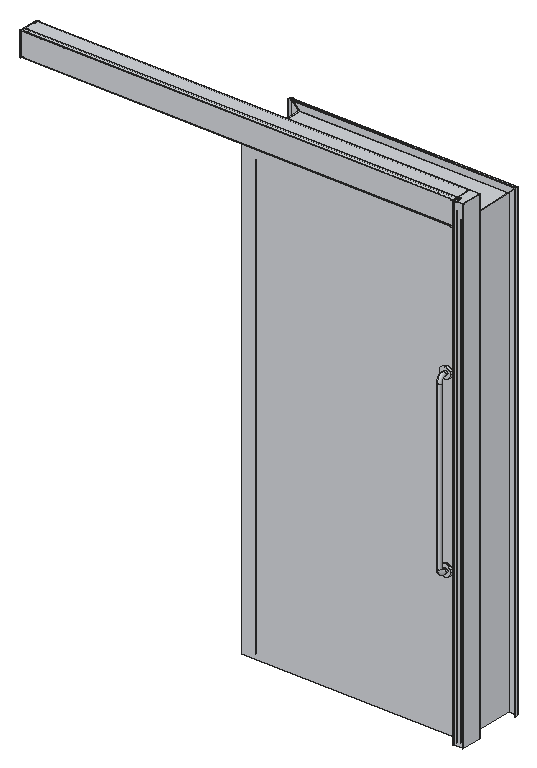
Revit family "R0000105", category Türen, Revit 2021
Family settings
  Basisbauteil = Wand
  Immer vertikal = Ja
  Beim Laden mit Abzugskörper schneiden = Nein
  Gemeinsam genutzt = Nein
  Raumberechnungspunkt = Ja
Parameters (values of type "BOS wSvdW-D mit NOVA 150 BOS Holz")
  Grifftiefe = 46 mm  # constant formula
  TB = if([wSvdW-D mit NOVA 150 BOS Holz], 1, 1)  # 1
  Stoßgriff = 1 < 2  # yes
  Info-Texte sichtbar = yes
  Grifflänge = 800 mm  # constant formula
  RRH Rohbau_Richtmaß_Höhe   Structural Wall Opening Height Measurement [instance] = LDH effektiv Lichte Durchgangs Höhe effektiv   Real Clearance Height + Einfügepunkt  # 2125 mm
  RRB Rohbau_Richtmaß_Breite   Structural Wall Opening Width Measurement [instance] = LDB Lichte Durchgangs Breite   Clearance Width + (2 * Einfügepunkt)  # 1000 mm
  Material - Türgriff = none
  Griffradius = 9 mm  # constant formula
  Führungsnutbreite = 18 mm  # constant formula
  Führungsnuttiefe = 36 mm  # constant formula
  Türblatt geöffnet in ...% LDB effektiv [instance] = if(Türblatt geöffnet in ...% LDB effektiv  Doorleaf opened in ...% Real Clearance Width < 0, 0, if(Türblatt geöffnet in ...% LDB effektiv  Doorleaf opened in ...% Real Clearance Width > 100, 100, Türblatt geöffnet in ...% LDB effektiv  Doorleaf opened in ...% Real Clearance Width))  # 0
  Türblatt geöffnet in ...% LDB effektiv  Doorleaf opened in ...% Real Clearance Width [instance] = 0
  Spiegel hinten min. = 42 mm  # constant formula
  Spiegel hinten max. = 80 mm  # constant formula
  wSvdW-D mit NOVA 150 BOS Holz = yes
  Türblatteinstand [instance] = if(DIN rechts   DIN Right, 14 mm, Spiegel vorne STR)  # 14 mm
  Variante - Auswahl [instance] = if(Standardmaße, "Standardmaße", "Sondermaße")  # "Standardmaße"
  Spiegel vorne KS [instance] = 30 mm  # constant formula
  Spiegel vorne STR [instance] = if(DIN links   DIN Left, 40 mm, 43.5 mm)  # 43.5 mm
  Spiegel vorne STL [instance] = if(DIN rechts   DIN Right, 40 mm, 43.5 mm)  # 40 mm
  STR-länge [instance] = LDH effektiv Lichte Durchgangs Höhe effektiv   Real Clearance Height  # 2093 mm
  STL-länge [instance] = LDH effektiv Lichte Durchgangs Höhe effektiv   Real Clearance Height  # 2093 mm
  Putzwinkel vorne KS = 17 mm  # constant formula
  Putzwinkel vorne STR = 17 mm  # constant formula
  Putzwinkel vorne STL = 14 mm  # constant formula
  Putzwinkel vorne AP = 15 mm  # constant formula
  Putzwinkel hinten min. = 9 mm  # constant formula
  Putzwinkel hinten max. = 28 mm  # constant formula
  Material - Dichtung = none
  KS-länge [instance] = LDB Lichte Durchgangs Breite   Clearance Width  # 936 mm
  Griffhöhe = 1068 mm  # constant formula
  Dornmaß = 65 mm  # constant formula
  GT min. [instance] = Putzwinkel hinten min. + MW min. + if(DIN rechts   DIN Right, Putzwinkel vorne STR, Putzwinkel vorne STR)  # 126 mm
  GT max. [instance] = Putzwinkel hinten max. + MW max. + if(DIN rechts   DIN Right, Putzwinkel vorne STR, Putzwinkel vorne STR)  # 605 mm
  GT Profil STR [instance] = Putzwinkel hinten + MW Maulweite   Receiving Opening + 93.5 mm  # 308.5 mm
  GT Profil STL [instance] = Putzwinkel hinten + MW Maulweite   Receiving Opening + Putzwinkel vorne STL  # 229 mm
  Fußbodenaufbau - Auswahl [instance] = if(Fußbodenaufbau < 0 mm, 0 mm, if(Fußbodenaufbau > 150 mm, 150 mm, Fußbodenaufbau))  # 0 mm
  Fußbodenaufbau [instance] = 0 mm
  Fingerschutz-Abstand = Dornmaß - 14 mm  # 51 mm
  Material - Türblatt = none
  LDH effektiv Lichte Durchgangs Höhe effektiv   Real Clearance Height [instance] = if(Standardmaße, if(Standardmaß LDH effektiv Lichte Durchgangs Höhe effektiv   Real Clearance Height Choice < 2, 1968 mm, 2093 mm), if(Sondermaß LDH effektiv Lichte Durchgangs Höhe effektiv   Real Clearance Height Specification < LDH min., LDH min., if(Sondermaß LDH effektiv Lichte Durchgangs Höhe effektiv   Real Clearance Height Specification > LDH max., LDH max., Sondermaß LDH effektiv Lichte Durchgangs Höhe effektiv   Real Clearance Height Specification)))  # 2093 mm
  LDB effektiv Lichte Durchgangs Breite effektiv   Real Clearance Width [instance] = LDB Lichte Durchgangs Breite   Clearance Width - [Fingerschutz-Abstand] - Dornmaß  # 820 mm
  NOVA 150 BOS Holz = [wSvdW-D mit NOVA 150 BOS Holz]  # yes
  Zargenblechstärke = 1.5 mm  # constant formula
  Türblattreferenz [instance] = TAB Türblatt Außenmaß Breite - if(DIN rechts   DIN Right, Spiegel vorne STL, 14 mm) - (if(DIN links   DIN Left, -1, 1) * Türblatt geöffnet in ...% LDB effektiv * (LDB effektiv Lichte Durchgangs Breite effektiv   Real Clearance Width - [Fingerschutz-Abstand] + Dornmaß) / 100)  # 950 mm
  Türblattabstand unten [instance] = 9.5 mm  # constant formula
  TAH Türblatt_Außenmaß_Höhe   Door Leaf Overall Height Measurement [instance] = LDH effektiv Lichte Durchgangs Höhe effektiv   Real Clearance Height + 17 mm  # 2110 mm
  TAH Türblatt Außenmaß Höhe [instance] = TAH Türblatt_Außenmaß_Höhe   Door Leaf Overall Height Measurement  # 2110 mm
  TAB Türblatt_Außenmaß_Breite   Door Leaf Overall Width Measurement [instance] = LDB Lichte Durchgangs Breite   Clearance Width + 54 mm  # 990 mm
  TAB Türblatt Außenmaß Breite [instance] = TAB Türblatt_Außenmaß_Breite   Door Leaf Overall Width Measurement  # 990 mm
  Standardmaße [instance] = yes
  Sondermaße [instance] = not(Standardmaße)  # no
  Putzwinkel hinten   Backbend Back [instance] = 15 mm  # constant formula
  Wandstärke   Wall Thickness [instance] = 200 mm
  Material - Laufschiene = none
  Material - Führungszapfen = none
  Laufkastenlänge [instance] = AMB Außenmaß_Breite   Overall Width Measurement - 46.5 mm  # 1955.5 mm
  LDB Lichte Durchgangs Breite   Clearance Width [instance] = if(Standardmaße, if(Standardmaß LDB Lichte Durchgangs Breite   Clearance Width Choice < 2, 686 mm, if(Standardmaß LDB Lichte Durchgangs Breite   Clearance Width Choice = 2, 811 mm, if(Standardmaß LDB Lichte Durchgangs Breite   Clearance Width Choice = 3, 936 mm, if(Standardmaß LDB Lichte Durchgangs Breite   Clearance Width Choice = 4, 1061 mm, 1186 mm)))), if(Sondermaß LDB Lichte Durchgangs Breite   Clearance Width Specification < LDB min., LDB min., if(Sondermaß LDB Lichte Durchgangs Breite   Clearance Width Specification > LDB max., LDB max., Sondermaß LDB Lichte Durchgangs Breite   Clearance Width Specification)))  # 936 mm
  URL = "www.BestOfSteel.de/stahlzargen/zargen-fuer-schiebetueren/lineaoutside/lineaoutside-d"
  Türblattstärke = if(TB = 1, 40 mm, 40 mm)  # 40 mm
  Türblattversatz [instance] = (Wandstärke   Wall Thickness / 2) + 45 mm  # 145 mm
  Spiegel hinten   Architrave Back [instance] = 42 mm
  Spiegel hinten [instance] = if(Spiegel hinten   Architrave Back < Spiegel hinten min., Spiegel hinten min., if(Spiegel hinten   Architrave Back > Spiegel hinten max., Spiegel hinten max., Spiegel hinten   Architrave Back))  # 42 mm
  Rough Height = 0 mm  # constant formula
  Rough Width = 0 mm  # constant formula
  Rechtliche Hinweise [instance] = "www.BestOfSteel.de/tools-downloads/bim-building-information-modeling/"
  Putzwinkel hinten [instance] = if(Putzwinkel hinten   Backbend Back < Putzwinkel hinten min., Putzwinkel hinten min., if(Putzwinkel hinten   Backbend Back > Putzwinkel hinten max., Putzwinkel hinten max., Putzwinkel hinten   Backbend Back))  # 15 mm
  Modell = "wSvdW-D mit NOVA 150 BOS Holz"
  Material - Zarge = none
  Material = "grundiert, feuerverzinktes Feinblech nach DIN EN 10143"
  MW min. = 100 mm  # constant formula
  MW max. = 560 mm  # constant formula
  MW Maulweite   Receiving Opening [instance] = if(Wandstärke   Wall Thickness < MW min., MW min., if(Wandstärke   Wall Thickness > MW max., MW max., Wandstärke   Wall Thickness))  # 200 mm
  Information in English = no
  Height [instance] = RRH Rohbau_Richtmaß_Höhe   Structural Wall Opening Height Measurement  # 2125 mm
  Hersteller = "BOS GmbH Best Of Steel, Lütkenfelde 4, D-48282 Emsdetten"
  GT Gesamttiefe_Zarge   Total Profile Depth [instance] = Putzwinkel hinten + MW Maulweite   Receiving Opening + if(DIN rechts   DIN Right, Putzwinkel vorne STL, Putzwinkel vorne STR)  # 229 mm
  MW Fehler [instance] = or(Wandstärke   Wall Thickness < MW min., Wandstärke   Wall Thickness > MW max.)  # no
  Funktion = Innen
  LDH min. = 1843 mm  # constant formula
  LDH max. = 2218 mm  # constant formula
  LDB min. = 561 mm  # constant formula
  LDB max. = 1186 mm  # constant formula
  Einfügepunkt = 32 mm  # constant formula
  Dicke = 0 mm  # constant formula
  Dichtungsprofil 16 mm = [wSvdW-D mit NOVA 150 BOS Holz]  # yes
  DIN rechts   DIN Right [instance] = yes
  DIN links   DIN Left [instance] = not(DIN rechts   DIN Right)  # no
  DIN Richtung [instance] = if(DIN links   DIN Left, "DIN links", "DIN rechts")  # "DIN rechts"
  Width = 0 mm  # constant formula
  Beschreibung = "2-schalige Schiebetürzarge für vor der Wand laufende Schiebetüren (LineaOutside-D)"
  Bauelement = "BOS Stahlzarge"
  BOS-Architekten-Beratung = "Tel.: +49 (0) 2572 203-203; E-Mail: architekten@BestOfSteel.de"
  BE Bodeneinstand   Foundation Bedding [instance] = 0 mm
  BE Bodeneinstand [instance] = if(BE Bodeneinstand   Foundation Bedding < 0 mm, 0 mm, if(BE Bodeneinstand   Foundation Bedding > BE max., BE max., BE Bodeneinstand   Foundation Bedding))  # 0 mm
  BE max. = 100 mm  # constant formula
  Standardmaß LDH effektiv Lichte Durchgangs Höhe effektiv   Real Clearance Height Choice [instance] = 2
  Sondermaß LDH effektiv Lichte Durchgangs Höhe effektiv   Real Clearance Height Specification [instance] = 2093 mm
  Sondermaß LDB Lichte Durchgangs Breite   Clearance Width Specification [instance] = 936 mm
  Standardmaß LDB Lichte Durchgangs Breite   Clearance Width Choice [instance] = 3
  Technische Infos rund um die Stahlzarge = "www.BestOfSteel.de/tools-downloads/technische-infos-rund-um-die-stahlzarge/"
  Aufdopplungstiefe = 3 mm  # constant formula
  Aufdopplungslage [instance] = if(DIN rechts   DIN Right, TAB Türblatt Außenmaß Breite - Spiegel vorne STL, 0 mm)  # 950 mm
  Aufdopplungsbreite [instance] = 40 mm  # constant formula
  Aufdopplung = 1 < 2  # yes
  Anschlagprofillage [instance] = if(DIN rechts   DIN Right, LDB Lichte Durchgangs Breite   Clearance Width, 0 mm)  # 936 mm
  Anschlagprofilbreite = 95 mm  # constant formula
  Anschlagprofillänge [instance] = LDH effektiv Lichte Durchgangs Höhe effektiv   Real Clearance Height + 110 mm  # 2203 mm
  AMH Außenmaß_Höhe   Overall Height Measurement [instance] = LDH effektiv Lichte Durchgangs Höhe effektiv   Real Clearance Height + 110 mm  # 2203 mm
  AMB Außenmaß_Breite   Overall Width Measurement [instance] = (2 * LDB Lichte Durchgangs Breite   Clearance Width) + 130 mm  # 2002 mm
  1-Kammer-Dichtung = 1 > 2  # no
Reference planes
  plane 1 "Wand": y = 0
  plane 2 "Mitte (Links/rechts)": x = 125
  plane 3 "Hinten": y = 100
  plane 4 "Vorne": y = -100
  plane 5 "RRB links": x = -375
  plane 6 "RRB rechts": x = 625
  plane 7 "RRH oben": z = 2125
  plane 8 "BE": z = 0
  plane 9 "LDH oben": z = 2093
  plane 10 "BE max.": z = -100
  plane 11 "LDB links": x = -343
  plane 12 "LDB rechts": x = 593
  plane 13 "OFF": z = 0
  plane 14 "Türblattachse": y = -145
Forms (mm)
  Sweep 1, void
    path origin (0, -100, 0) x (-1, 0, 0) y (0, 0, 1)
      loop
        line (375, 0) -> (375, 2125) -> (-125, 2125)
    profile origin (-375, -100, 1062.5) x (1, 0, 0) y (0, 1, 0)
      loop
        line (0, 200) -> (0, -1) -> (500, -1) -> (500, 200) -> (0, 200)
  Sweep 2, void
    path origin (0, -100, 0) x (-1, 0, 0) y (0, 0, 1)
      loop
        line (-625, 0) -> (-625, 2125) -> (-125, 2125)
    profile origin (625, -100, 1062.5) x (1, 0, 0) y (0, 1, 0)
      loop
        line (-500, 200) -> (-500, 0) -> (0, 0) -> (0, 200) -> (-500, 200)
Lines and regions (mm)
  reference lines
    curve 1: line (65, 650, 0) -> (185, 650, 0)
    curve 2: line (65, -650, 0) -> (185, -650, 0)
    curve 3: line (1125, 100, 0) -> (1125, -100, 0)
Text (mm)
  text "Außen     " at (-1696.17, 830.944, 0), in view "Ref.-Ebene"
  text "Außen" at (0, 1409.804, 2854.306), in view "Links"
  text "Placement side" at (0, 499.811, 2980.732), in view "Rechts"
Dimensions and locks
  locked: plane 3 "Hinten" to host wall
  locked: host wall to plane 4 "Vorne"
  level to plane 7 "RRH oben" = 2125 mm
  equal spacing: plane 5 "RRB links", plane 2 "Mitte (Links/rechts)", plane 6 "RRB rechts"
  "Wandstärke   Wall Thickness": host wall to host wall
  "LDH effektiv Lichte Durchgangs Höhe effektiv   Real Clearance Height": plane 9 "LDH oben" to plane 13 "OFF"
  "RRH Rohbau_Richtmaß_Höhe   Structural Wall Opening Height Measurement": plane 7 "RRH oben" to plane 13 "OFF"
  "RRB Rohbau_Richtmaß_Breite   Structural Wall Opening Width Measurement": plane 5 "RRB links" to plane 6 "RRB rechts"
  curve 2 to plane 4 "Vorne" to plane 3 "Hinten" to curve 1 = 550 mm, 200 mm, 550 mm
  equal spacing: plane 11 "LDB links", plane 2 "Mitte (Links/rechts)", plane 12 "LDB rechts"
  "LDB Lichte Durchgangs Breite   Clearance Width": plane 11 "LDB links" to plane 12 "LDB rechts"
  plane 6 "RRB rechts" to curve 3 = 500 mm
  "Fußbodenaufbau - Auswahl": plane 13 "OFF" to level
  "BE Bodeneinstand": plane 13 "OFF" to plane 8 "BE"
  "Türblattversatz": plane 14 "Türblattachse" to host wall
  "BE max.": level to plane 10 "BE max."
  aligned and locked: plane 1 "Wand" to host wall
  aligned and locked: plane 9 "LDH oben" to nested 1
  aligned and locked: plane 4 "Vorne" to nested 1
  aligned and locked: plane 2 "Mitte (Links/rechts)" to nested 1
  aligned and locked: plane 3 "Hinten" to curve 3
  aligned and locked: plane 4 "Vorne" to curve 3
  aligned and locked: nested 2 to curve 3
  aligned and locked: plane 1 "Wand" to nested 2
  aligned and locked: plane 2 "Mitte (Links/rechts)" to nested 3
  aligned and locked: curve 1 to nested 3
  aligned and locked: curve 2 to nested 4
  aligned and locked: nested 4 to plane 2 "Mitte (Links/rechts)"
  aligned and locked: plane 14 "Türblattachse" to nested 5
  aligned and locked: plane 11 "LDB links" to nested 5
  aligned and locked: plane 11 "LDB links" to nested 7
  aligned and locked: plane 12 "LDB rechts" to nested 9
  aligned and locked: nested 7 to plane 4 "Vorne"
  aligned and locked: plane 4 "Vorne" to nested 9
  aligned and locked: plane 11 "LDB links" to nested 8
  aligned and locked: plane 12 "LDB rechts" to nested 10
  aligned and locked: plane 4 "Vorne" to nested 10
  aligned and locked: nested 8 to plane 4 "Vorne"
  aligned and locked: nested 6 to plane 4 "Vorne"
  aligned and locked: plane 2 "Mitte (Links/rechts)" to nested 6
  aligned and locked: plane 11 "LDB links" to nested 12
  aligned and locked: plane 12 "LDB rechts" to nested 11
  aligned and locked: nested 11 to plane 4 "Vorne"
  aligned and locked: plane 4 "Vorne" to nested 12
  aligned and locked: plane 5 "RRB links" to nested 13
  aligned and locked: plane 6 "RRB rechts" to nested 14
  aligned and locked: nested 13 to plane 4 "Vorne"
  aligned and locked: plane 4 "Vorne" to nested 14
  aligned and locked: nested 6 to nested 15  (x2)
  aligned and locked: Sweep 1 sketch curve to plane 7 "RRH oben"
  aligned and locked: plane 2 "Mitte (Links/rechts)" to Sweep 1 sketch curve
  aligned and locked: plane 5 "RRB links" to Sweep 1 sketch curve
  aligned and locked: level to Sweep 1 sketch curve
  aligned and locked: Sweep 1 sketch curve to plane 2 "Mitte (Links/rechts)"
  aligned and locked: Sweep 1 sketch curve to nested 13  (x2)
  aligned and locked: nested 13 to Sweep 1 sketch curve
  aligned and locked: plane 7 "RRH oben" to Sweep 2 sketch curve
  aligned and locked: plane 2 "Mitte (Links/rechts)" to Sweep 2 sketch curve  (x2)
  aligned and locked: plane 6 "RRB rechts" to Sweep 2 sketch curve
  aligned and locked: level to Sweep 2 sketch curve
  aligned and locked: Sweep 2 sketch curve to plane 6 "RRB rechts"
  aligned and locked: Sweep 2 sketch curve to nested 14  (x2)
Automatic sketch dimensions
  plane 2 "Mitte (Links/rechts)" to curve 1 = 60 mm
  plane 2 "Mitte (Links/rechts)" to curve 2 = 60 mm
  curve 1 to plane 2 "Mitte (Links/rechts)" = 60 mm
  curve 2 to plane 2 "Mitte (Links/rechts)" = 60 mm
Nested families
  nested 1: "BOS-Laufkasten-(w)SvdW-D(SK2)_Modell-21" at (29.653, -64.347, 2122.996), type "Laufkasten", detail levels medium+fine
    with TSExtrusionsbeginn -1484.5 mm, TSExtrusionsende 464 mm, Laufkastenlänge 1955.5 mm, N355-Extrusionsende 436 mm, N355-Extrusionsbeginn -1456.5 mm, LKExtrusionsende 466.5 mm, LKExtrusionsbeginn -1487 mm, LDB 936 mm
  nested 2: "BOS-Info-Texte_Beschriftung-21" at (1125, -0.955, 0), visible <- "MW Fehler", type "Maulweite Fehlermeldung"
  nested 3: "BOS-Info-Texte_Beschriftung-21" at (125, 649.045, 0), visible <- "Info-Texte sichtbar", type "Technische Hinweise"
  nested 4: "BOS-Info-Texte_Beschriftung-21" at (125, -650.955, 0), visible <- "Info-Texte sichtbar", type "Rechtliche Hinweise"
  nested 5: "BOS-Türblatt-Schiebetürzargen_Modell-21" at (-414, -254, 0), type "40 mm Holztürblatt", detail levels medium+fine
    with Türblattreferenz 950 mm, Griffposition 925 mm, TAB Türblatt Außenmaß Breite 990 mm, Aufdopplungslage 950 mm
  nested 6: "BOS-Kopfstück-wSvdW-D(SK2)_Modell-21" at (-47.574, -20.347, 2093), type "Kopfstück", detail levels medium+fine
    with Überstand rechts 45 mm, Überstand links 45 mm, Spiegel hinten 42 mm, Elementlänge 936 mm
  nested 7: "BOS-Seitenteil-wSvdW-D(SK2)_Modell-21" at (-438.347, -20.347, 0), visible <- "DIN rechts   DIN Right", type "Seitenteil links", detail levels medium+fine
  nested 8: "BOS-Seitenteil-wSvdW-D(SK2)_Modell-21" at (-438.347, -20.347, 0), visible <- "DIN links   DIN Left", type "Seitenteil rechts", detail levels medium+fine
    with Winkel 45.00°, Spiegel hinten 42 mm, Elementlänge 2093 mm, BE Bodeneinstand 0 mm
  nested 9: "BOS-Seitenteil-wSvdW-D(SK2)_Modell-21" at (688.347, -20.347, 0.004) x (-1, 0, 0) z (0, 0, 1), visible <- "DIN links   DIN Left", type "Seitenteil links", detail levels medium+fine
  nested 10: "BOS-Seitenteil-wSvdW-D(SK2)_Modell-21" at (688.347, -20.347, 0.004) x (-1, 0, 0) z (0, 0, 1), visible <- "DIN rechts   DIN Right", type "Seitenteil rechts", detail levels medium+fine
    with Winkel 45.00°, Spiegel hinten 42 mm, Elementlänge 2093 mm, BE Bodeneinstand 0 mm
  nested 11: "BOS-Anschlagprofil-(w)SvdW-D(SK2)_Modell-21" at (497.653, -20.347, 0), visible <- "DIN rechts   DIN Right", type "Anschlagprofil", detail levels medium+fine
  nested 12: "BOS-Anschlagprofil-(w)SvdW-D(SK2)_Modell-21" at (-247.653, -20.347, 0.004) x (-1, 0, 0) z (0, 0, 1), visible <- "DIN links   DIN Left", type "Anschlagprofil", detail levels medium+fine
  nested 13: "BOS-verkröpfter-Flachstahlanker-wSvdW_Detail-21" at (-375, -107.65, 0), type "BOS-verkröpfter-Flachstahlanker-wSvdW-links_Detail", detail levels fine
    with Unterfütterungsabstand vorne 44 mm, Putzwinkel vorne 14 mm, Ankerlasche vorne unten 12 mm
  nested 14: "BOS-verkröpfter-Flachstahlanker-wSvdW_Detail-21" at (625, -107.65, 0) x (-1, 0, 0) z (0, 0, 1), type "BOS-verkröpfter-Flachstahlanker-wSvdW-rechts_Detail", detail levels fine
    with Ankerlasche hinten 202 mm, Ankerlasche vorne unten 12 mm, Ankerabstand vorne 0 mm, Anker nach unten - rechts yes, Anker nach unten - links no
  nested 15: "BOS-Logo_Modell-21" at (-379.5, 100, 0), type "BOS-Logo_Modell-21", detail levels fine
Definition of nested family "BOS-Laufkasten-(w)SvdW-D(SK2)_Modell-21"
  Parameters (values of type "BOS-Laufkasten-(w)SvdW-D_Modell-21")
    Default Elevation = 1219.2 mm
    URL = "www.BestOfSteel.de"
    Trägerschienenabstand = 2.5 mm  # constant formula
    Technische Infos rund um die Stahlzarge = "www.BestOfSteel.de/tools-downloads/technische-infos-rund-um-die-stahlzarge"
    TSExtrusionsbeginn = LKExtrusionsbeginn + Trägerschienenabstand  # -217 mm
    TSExtrusionsende = LKExtrusionsende - Trägerschienenabstand  # 56 mm
    Rechtliche Hinweise = "www.BestOfSteel.de/tools-downloads/bim-building-information-modeling"
    Material - Zarge = none
    Material - Laufschiene = none
    Laufschienenabstand = if([Laufschiene N355 (NOVA 150)], 28 mm, 28 mm)  # 28 mm
    Laufschiene N355 (NOVA 150) = yes
    Laufkastenlänge = 280 mm
    Laufkastenendkappenstärke = 2 mm
    N355-Extrusionsende = TSExtrusionsende - Laufschienenabstand  # 28 mm
    N355-Extrusionsbeginn = TSExtrusionsbeginn + Laufschienenabstand  # -189 mm
    LKExtrusionsende = if(DIN links, (Laufkastenlänge - Laufkastenendkappenstärke - LDB / 2 + 1.5 mm), LDB / 2 - 1.5 mm)  # 58.5 mm
    LKExtrusionsbeginn = if(DIN rechts, -(Laufkastenlänge - Laufkastenendkappenstärke - LDB / 2 + 1.5 mm), -LDB / 2 + 1.5 mm)  # -219.5 mm
    LDB = 120 mm
    DIN rechts = yes
    DIN links = no
    Description = "Laufkasten (w)SvdW-D"
    Keynote = "BOS Laufkasten"
    BOS-Architekten-Beratung = "Tel.: +49 (0) 2572 203-203; E-Mail: architekten@BestOfSteel.de"
  Reference planes
    plane 1 "Achse Laufschiene": y = -79.653
    plane 2 "Spiegel vorne oben": z = 0.004
    plane 3 "Mitte (Zarge)": x = 95.347
    plane 4 "LDB links/rechts": x = 35.347
    plane 5 "LDB rechts/links": x = 155.347
    plane 6 "AMH oben": z = 80.004
    plane 7 "Außen": y = -130.653
    plane 8 "Wand": y = -35.653
    plane 9 "LK unten": z = -29.996
  Forms (mm)
    Extrusion 1, solid, material <- "Material - Zarge"
      sketch origin (95.347, 0, -28.996) x (0, 1, 0) y (0, 0, 1)
        loop
          line (-38.653, 107.5) -> (-107.653, 107.5) -> (-107.653, 109) -> (-126.653, 109)
          arc (-126.653, 109) -> (-128.42, 108.268) -> (-129.153, 106.5) r 2.5
          line (-129.153, 106.5) -> (-129.153, 1.5)
          arc (-129.153, 1.5) -> (-128.42, -0.268) -> (-126.653, -1) r 2.5
          line (-126.653, -1) -> (-111.153, -1)
          arc (-111.153, -1) -> (-109.385, -0.268) -> (-108.653, 1.5) r 2.5
          line (-108.653, 1.5) -> (-108.653, 6.5) -> (-110.153, 6.5) -> (-110.153, 1.5)
          arc (-110.153, 1.5) -> (-110.446, 0.793) -> (-111.153, 0.5) r 1
          line (-111.153, 0.5) -> (-126.653, 0.5)
          arc (-126.653, 0.5) -> (-127.36, 0.793) -> (-127.653, 1.5) r 1
          line (-127.653, 1.5) -> (-127.653, 79.5) -> (-125.653, 79.5) -> (-125.653, 104.5)
          arc (-125.653, 104.5) -> (-125.36, 105.207) -> (-124.653, 105.5) r 1
          line (-124.653, 105.5) -> (-38.653, 105.5)
          arc (-38.653, 105.5) -> (-37.946, 105.207) -> (-37.653, 104.5) r 1
          line (-37.653, 104.5) -> (-37.653, 32)
          arc (-37.653, 32) -> (-37.946, 31.293) -> (-38.653, 31) r 1
          line (-38.653, 31) -> (-52.653, 31) -> (-52.653, 29) -> (-38.653, 29)
          arc (-38.653, 29) -> (-36.531, 29.879) -> (-35.653, 32) r 3
          line (-35.653, 32) -> (-35.653, 104.5)
          arc (-35.653, 104.5) -> (-36.531, 106.621) -> (-38.653, 107.5) r 3
      from -219.5 <- "LKExtrusionsbeginn" to 58.5 <- "LKExtrusionsende"
    Extrusion 2, solid, material <- "Material - Zarge"
      sketch origin (95.347, 0, 15.692) x (0, 1, 0) y (0, 0, 1)
        loop
          line (-55.153, 58.312) -> (-38.653, 58.312) -> (-38.653, 60.312) -> (-55.153, 60.312)
          arc (-55.153, 60.312) -> (-57.981, 59.14) -> (-59.153, 56.312) r 4
          line (-59.153, 56.312) -> (-59.153, 49.312)
          arc (-59.153, 49.312) -> (-59.738, 47.898) -> (-61.153, 47.312) r 2
          line (-61.153, 47.312) -> (-98.153, 47.312)
          arc (-98.153, 47.312) -> (-99.567, 47.898) -> (-100.153, 49.312) r 2
          line (-100.153, 49.312) -> (-100.153, 56.312)
          arc (-100.153, 56.312) -> (-101.324, 59.14) -> (-104.153, 60.312) r 4
          line (-104.153, 60.312) -> (-116.153, 60.312) -> (-116.153, 58.312) -> (-104.153, 58.312)
          arc (-104.153, 58.312) -> (-102.738, 57.726) -> (-102.153, 56.312) r 2
          line (-102.153, 56.312) -> (-102.153, 49.312)
          arc (-102.153, 49.312) -> (-100.981, 46.484) -> (-98.153, 45.312) r 4
          line (-98.153, 45.312) -> (-61.153, 45.312)
          arc (-61.153, 45.312) -> (-58.324, 46.484) -> (-57.153, 49.312) r 4
          line (-57.153, 49.312) -> (-57.153, 56.312)
          arc (-57.153, 56.312) -> (-56.567, 57.726) -> (-55.153, 58.312) r 2
      from -217 <- "TSExtrusionsbeginn" to 56 <- "TSExtrusionsende"
    Extrusion 3, solid, material <- "Material - Laufschiene"
      sketch origin (95.347, 0, 15.692) x (0, 1, 0) y (0, 0, 1)
        loop
          line (-61.903, 45.312) -> (-97.403, 45.312) -> (-97.403, -0.188) -> (-88.403, -0.188) -> (-88.403, 7.312) -> (-94.903, 9.678) -> (-94.903, 33.124) -> (-88.767, 35.357) -> (-88.767, 42.812) -> (-72.403, 42.812) -> (-72.403, 36.035) -> (-64.403, 33.124) -> (-64.403, 9.678) -> (-70.903, 7.312) -> (-70.903, -0.188) -> (-61.903, -0.188) -> (-61.903, 45.312)
      from -189 <- "N355-Extrusionsbeginn" to 28 <- "N355-Extrusionsende"
    Extrusion 4, solid, material <- "Material - Zarge", visible <- "DIN rechts"
      sketch origin (95.347, 0, -1.5) x (0, 1, 0) y (0, 0, 1)
        loop
          line (-38.653, 80.004) -> (-126.653, 80.004)
          arc (-126.653, 80.004) -> (-128.444, 78.982) -> (-129.153, 77.046) r 3
          line (-129.153, 77.046) -> (-129.153, -26.996)
          arc (-129.153, -26.996) -> (-128.274, -29.118) -> (-126.153, -29.996) r 3
          line (-126.153, -29.996) -> (-38.653, -29.996)
          arc (-38.653, -29.996) -> (-36.531, -29.118) -> (-35.653, -26.996) r 3
          line (-35.653, -26.996) -> (-35.653, 77.004)
          arc (-35.653, 77.004) -> (-36.531, 79.125) -> (-38.653, 80.004) r 3
      from -221.5 to -219.5
    Extrusion 5, solid, material <- "Material - Zarge", visible <- "DIN links"
      sketch origin (95.347, 0, -1.5) x (0, 1, 0) y (0, 0, 1)
        loop
          line (-38.653, 80.004) -> (-126.653, 80.004)
          arc (-126.653, 80.004) -> (-128.444, 78.982) -> (-129.153, 77.046) r 3
          line (-129.153, 77.046) -> (-129.153, -26.996)
          arc (-129.153, -26.996) -> (-128.274, -29.118) -> (-126.153, -29.996) r 3
          line (-126.153, -29.996) -> (-38.653, -29.996)
          arc (-38.653, -29.996) -> (-36.531, -29.118) -> (-35.653, -26.996) r 3
          line (-35.653, -26.996) -> (-35.653, 77.004)
          arc (-35.653, 77.004) -> (-36.531, 79.125) -> (-38.653, 80.004) r 3
      from 58.5 to 60.5
  Dimensions and locks
    "LDB": plane 5 "LDB rechts/links" to plane 4 "LDB links/rechts"
    equal spacing: plane 5 "LDB rechts/links", plane 3 "Mitte (Zarge)", plane 4 "LDB links/rechts"
    plane 6 "AMH oben" to plane 9 "LK unten" = 110 mm
    plane 8 "Wand" to plane 7 "Außen" = 95 mm  (x2)
    plane 8 "Wand" to plane 1 "Achse Laufschiene" = 44 mm
    plane 6 "AMH oben" to plane 2 "Spiegel vorne oben" = 80 mm
    "Laufkastenendkappenstärke": Extrusion 4 to Extrusion 4
    "Laufkastenendkappenstärke": Extrusion 5 to Extrusion 5
    aligned and locked: plane 2 "Spiegel vorne oben" to level
    aligned and locked: Extrusion 4 to Extrusion 1
    aligned and locked: Extrusion 5 to Extrusion 1
  Automatic sketch dimensions
    Extrusion 1 sketch curve to Extrusion 1 sketch curve = 0 mm  (x10)
    plane 7 "Außen" to Extrusion 1 sketch curve = 1.5 mm
    Extrusion 1 sketch curve to Extrusion 1 sketch curve = 1.5 mm
    Extrusion 1 sketch curve to Extrusion 1 sketch curve = 1 mm  (x5)
    Extrusion 1 sketch curve to Extrusion 1 sketch curve = 15.5 mm
    Extrusion 1 sketch curve to Extrusion 1 sketch curve = 17 mm
    Extrusion 1 sketch curve to plane 6 "AMH oben" = 80 mm
    plane 7 "Außen" to Extrusion 1 sketch curve = 78 mm
    plane 7 "Außen" to Extrusion 1 sketch curve = 92 mm
    Extrusion 1 sketch curve to Extrusion 1 sketch curve = 14 mm
    Extrusion 1 sketch curve to Extrusion 1 sketch curve = 2 mm  (x2)
    Extrusion 1 sketch curve to plane 6 "AMH oben" = 102.5 mm
    Extrusion 1 sketch curve to plane 6 "AMH oben" = 29.5 mm
    Extrusion 1 sketch curve to Extrusion 1 sketch curve = 72.5 mm
    Extrusion 2 sketch curve to Extrusion 2 sketch curve = 0 mm  (x8)
    plane 7 "Außen" to Extrusion 2 sketch curve = 14.5 mm
    Extrusion 2 sketch curve to Extrusion 2 sketch curve = 12 mm
    Extrusion 2 sketch curve to Extrusion 2 sketch curve = 2 mm  (x5)
    Extrusion 2 sketch curve to plane 1 "Achse Laufschiene" = 18.5 mm
    Extrusion 2 sketch curve to plane 8 "Wand" = 3 mm
    Extrusion 2 sketch curve to plane 6 "AMH oben" = 19 mm
    Extrusion 2 sketch curve to Extrusion 2 sketch curve = 7 mm  (x2)
    Extrusion 3 sketch curve to plane 6 "AMH oben" = 19 mm
    plane 7 "Außen" to Extrusion 3 sketch curve = 33.25 mm
    Extrusion 3 sketch curve to plane 6 "AMH oben" = 54.634 mm
    Extrusion 3 sketch curve to Extrusion 3 sketch curve = 2.5 mm
    Extrusion 3 sketch curve to Extrusion 3 sketch curve = 6.5 mm  (x2)
    Extrusion 3 sketch curve to Extrusion 3 sketch curve = 6.135 mm
    Extrusion 3 sketch curve to plane 6 "AMH oben" = 21.5 mm
    Extrusion 3 sketch curve to Extrusion 3 sketch curve = 16.365 mm
    Extrusion 3 sketch curve to Extrusion 3 sketch curve = 17.5 mm
    Extrusion 3 sketch curve to Extrusion 3 sketch curve = 10.5 mm
    Extrusion 3 sketch curve to Extrusion 3 sketch curve = 0 mm
    Extrusion 3 sketch curve to Extrusion 3 sketch curve = 2.366 mm  (x2)
    Extrusion 3 sketch curve to Extrusion 3 sketch curve = 7.5 mm  (x2)
    Extrusion 3 sketch curve to plane 6 "AMH oben" = 31.188 mm  (x2)
    Extrusion 3 sketch curve to Extrusion 3 sketch curve = 7.455 mm
    Extrusion 3 sketch curve to Extrusion 3 sketch curve = 6.777 mm
    Extrusion 1 sketch curve to plane 6 "AMH oben" = 0 mm
    Extrusion 1 sketch curve to plane 9 "LK unten" = 0 mm
    Extrusion 4 sketch curve to plane 8 "Wand" = 0 mm
    Extrusion 4 sketch curve to plane 6 "AMH oben" = 1.5 mm
    Extrusion 4 sketch curve to plane 8 "Wand" = 3 mm  (x2)
    Extrusion 4 sketch curve to plane 9 "LK unten" = 1.5 mm
    plane 7 "Außen" to Extrusion 4 sketch curve = 4.5 mm
    plane 7 "Außen" to Extrusion 4 sketch curve = 1.5 mm
    Extrusion 4 sketch curve to Extrusion 4 sketch curve = 2.958 mm
    plane 7 "Außen" to Extrusion 4 sketch curve = 4 mm
    Extrusion 5 sketch curve to plane 8 "Wand" = 0 mm
    Extrusion 5 sketch curve to plane 8 "Wand" = 3 mm  (x2)
    plane 7 "Außen" to Extrusion 5 sketch curve = 4.5 mm  (x2)
    Extrusion 5 sketch curve to Extrusion 5 sketch curve = 0.5 mm
    plane 7 "Außen" to Extrusion 5 sketch curve = 1.5 mm
    Extrusion 5 sketch curve to plane 6 "AMH oben" = 111.5 mm
    Extrusion 5 sketch curve to Extrusion 5 sketch curve = 104 mm
Definition of nested family "BOS-Türblatt-Schiebetürzargen_Modell-21"
  Parameters (values of type "40 mm Holztürblatt")
    Default Elevation = 1219.2 mm
    URL = "www.BestOfSteel.de"
    Türblattreferenz = 945 mm
    Technische Infos rund um die Stahlzarge = "www.BestOfSteel.de/tools-downloads/technische-infos-rund-um-die-stahlzarge/"
    TB = 1
    Stoßgriff = 1 < 2  # yes
    Material - Türgriff = none
    Grifftiefe = 46 mm
    Griffradius = 9 mm
    Grifflänge = 800 mm
    Dornmaß = 65 mm
    Griffposition = if(DIN links, Dornmaß, TAB Türblatt Außenmaß Breite - Dornmaß)  # 920 mm
    Griffhöhe = 1068 mm
    Führungsnuttiefe = 36 mm
    Türblattstärke = if(TB = 1, 40 mm, 40 mm)  # 40 mm
    Türblattabstand unten = 9.5 mm  # constant formula
    TAH Türblatt Außenmaß Höhe = 2110 mm
    TAB Türblatt Außenmaß Breite = 985 mm
    Rechtliche Hinweise = "www.BestOfSteel.de/tools-downloads/bim-building-information-modeling/"
    Model = ""
    Material - Türblatt = none
    Manufacturer = "BOS GmbH Best Of Steel, Lütkenfelde 4, D-48282 Emsdetten"
    Führungsnutbreite = 18 mm
    DIN rechts = yes
    DIN links = no
    Description = "Holztürblatt für Schiebetüren"
    Bekleidung = 0.5 mm
    Keynote = "BOS Modell"
    BOS-Architekten-Beratung = "Tel.: +49 (0) 2572 203-203; E-Mail: architekten@BestOfSteel.de"
    Aufdopplungstiefe = 3 mm
    Aufdopplungslage = 300 mm
    Aufdopplungsbreite = 40 mm
    Aufdopplung = yes
  Reference planes
    plane 1: y = 109
    plane 2: z = 0
    plane 3: x = 31
    plane 4: x = 1016
    plane 5: y = 129
    plane 6: y = 89
    plane 7: z = 9.5
    plane 8: z = 2119.5
    plane 9: z = 1077.5
    plane 10 "Griff": x = 951
    plane 11 "LDB links": x = 71
    plane 12: x = 1015.5
    plane 13: x = 31.5
  Forms (mm)
    Extrusion 1, solid, material <- "Material - Türblatt", detail levels medium+fine
      sketch origin (0, 0, 0) x (1, 0, 0) y (0, 1, 0)
        loop
          line (31, 129) -> (31, 89) -> (1016, 89) -> (1016, 129) -> (31, 129)
      from 9.5 to 2119.5
    Extrusion 2, void
      sketch origin (31, -12.856, 0) x (0, 1, 0) y (0, 0, 1)
        loop
          line (130.856, 45.5) -> (112.856, 45.5) -> (112.856, 9.5) -> (130.856, 9.5) -> (130.856, 45.5)
      from 0.5 to 984.5
    Extrusion 3, solid, material <- "Material - Türblatt", visible <- "Aufdopplung", detail levels fine
      sketch origin (0, 0, 0) x (1, 0, 0) y (0, 1, 0)
        loop
          line (676, 132) -> (676, 129) -> (716, 129) -> (716, 132) -> (676, 132)
      from 9.5 to 2119.5
  Cuts and joins
    Extrusion 2 cuts Extrusion 1
  Dimensions and locks
    "Türblattstärke": plane 5 to plane 6
    "Türblattabstand unten": plane 7 to plane 2
    "TAB Türblatt Außenmaß Breite": plane 3 to plane 4
    "TAH Türblatt Außenmaß Höhe": plane 8 to plane 7
    equal spacing: plane 5, plane 1, plane 6
    "Griffposition": plane 3 to plane 10 "Griff"
    "Türblattreferenz": plane 11 "LDB links" to plane 4
    "Aufdopplungstiefe": Extrusion 3 sketch curve to Extrusion 3 sketch curve
    "Aufdopplungsbreite": Extrusion 3 sketch curve to Extrusion 3 sketch curve
    "Aufdopplungslage": Extrusion 3 to plane 4
    "Griffhöhe": plane 9 to plane 7
    "Führungsnutbreite": Extrusion 2 sketch curve to Extrusion 2 sketch curve
    equal spacing: Extrusion 2 sketch curve, plane 1, Extrusion 2 sketch curve
    "Führungsnuttiefe": Extrusion 2 sketch curve to Extrusion 2 sketch curve
    "Bekleidung": plane 3 to plane 13
    "Bekleidung": plane 12 to plane 4
    aligned and locked: level to plane 2
    aligned and locked: Extrusion 1 sketch curve to plane 4
    aligned and locked: Extrusion 1 sketch curve to plane 5
    aligned and locked: Extrusion 1 sketch curve to plane 6
    aligned and locked: plane 3 to Extrusion 1 sketch curve
    aligned and locked: Extrusion 1 to plane 7
    aligned and locked: Extrusion 1 to plane 8
    aligned and locked: plane 5 to Extrusion 3 sketch curve
    aligned and locked: Extrusion 3 to plane 8
    aligned and locked: plane 7 to Extrusion 2 sketch curve
    aligned and locked: Extrusion 3 to plane 7
    aligned and locked: plane 12 to Extrusion 2
    aligned and locked: Extrusion 2 to plane 13
    aligned and locked: plane 9 to nested 1
    aligned and locked: nested 2 to plane 9
    aligned and locked: nested 2 to plane 5
    aligned and locked: plane 6 to nested 1
    aligned and locked: nested 1 to plane 10 "Griff"
    aligned and locked: nested 2 to plane 10 "Griff"
  Automatic sketch dimensions
    Extrusion 3 sketch curve to plane 10 "Griff" = 275 mm
  Nested families
    nested 1: "BOS-Stoßgriff_Modell-21" at (951, 89, 1077.5), visible <- "Stoßgriff", type "BOS-Stoßgriff_Modell-21", detail levels fine
    nested 2: "BOS-Stoßgriff_Modell-21" at (951, 129, 1077.5), visible <- "Stoßgriff", type "BOS-Stoßgriff_Modell-21", detail levels fine
  Definition of nested family "BOS-Stoßgriff_Modell-21"
    Parameters (values of type "BOS-Stoßgriff_Modell-21")
      Default Elevation = 0 mm
      URL = "www.BestOfSteel.de"
      Grifflänge = 800 mm
      Griffradius = 9 mm
      Rechtliche Hinweise = "www.BestOfSteel.de/tools-downloads/bim-building-information-modeling/"
      Model = ""
      Material - Türgriff = none
      Grifftiefe = 46 mm
      Description = "Stoßgriff"
      Keynote = "BOS Modell"
      BOS-Architekten-Beratung = "Tel.: +49 (0) 2572 203-203; E-Mail: architekten@BestOfSteel.de"
      Allgemeine Informationen zu Stahlzargen = "www.BestOfSteel.de/tools-downloads/technische-infos-rund-um-die-stahlzarge/"
    Reference planes
      plane 1: y = 0
      plane 2: z = 0
      plane 3: x = 0
      plane 4: z = 400
      plane 5: z = -400
      plane 6: y = -46
    Forms (mm)
      Sweep 1, solid, material <- "Material - Türgriff"
        path origin (0, 0, 0) x (0, 1, 0) y (0, 0, 1)
          loop
            line (-10, 400) -> (-20.5, 400)
            arc (-20.5, 400) -> (-38.531, 392.531) -> (-46, 374.5) r 25.5
            line (-46, 374.5) -> (-46, -374.5)
            arc (-46, -374.5) -> (-38.531, -392.531) -> (-20.5, -400) r 25.5
            line (-20.5, -400) -> (-10, -400)
        profile origin (0, -15.25, 400) x (0, 0, -1) y (1, 0, 0)
          loop
            circle (0, 0) r 9
      Extrusion 2, solid, material <- "Material - Türgriff"
        sketch origin (0, 0, 0) x (1, 0, 0) y (0, 0, 1)
          loop
            circle (0, 400) r 25
          loop
            circle (0, -400) r 25
        from 0 to 10
    Cuts and joins
      joined: Sweep 1, Extrusion 2
    Dimensions and locks
      equal spacing: plane 4, plane 2, plane 5
      "Grifflänge": plane 4 to plane 5
      "Grifftiefe": plane 6 to plane 1
      "Griffradius": radius of Sweep 1 sketch curve
      aligned and locked: Sweep 1 sketch curve to plane 6
      aligned and locked: Sweep 1 sketch curve to plane 5
      aligned and locked: Sweep 1 sketch curve to plane 4
    Automatic sketch dimensions
      Extrusion 2 sketch curve to plane 3 = 0 mm  (x2)
      Extrusion 2 sketch curve to plane 5 = 0 mm
      Extrusion 2 sketch curve to plane 4 = 0 mm
      Sweep 1 sketch curve to Sweep 1 sketch curve = 10.5 mm
      plane 1 to Sweep 1 sketch curve = 20.5 mm  (x2)
      plane 1 to Sweep 1 sketch curve = 10 mm
      Sweep 1 sketch curve to plane 3 = 0 mm
      Sweep 1 sketch curve to profile plane = 0 mm
      radius of Extrusion 2 sketch curve = 25 mm  (x2)
Definition of nested family "BOS-Kopfstück-wSvdW-D(SK2)_Modell-21"
  Parameters (values of type "Kopfstück")
    Überstand rechts = Spiegel hinten + 3 mm  # 48 mm
    Überstand links = Spiegel hinten + 3 mm  # 48 mm
    WInkel = 45.00°  # constant formula
    Default Elevation = 1219.2 mm
    URL = "www.BestOfSteel.de"
    Technische Infos rund um die Stahlzarge = "www.BestOfSteel.de/tools-downloads/technische-infos-rund-um-die-stahlzarge"
    Spiegel vorne oben = 30 mm
    Spiegel hinten = 45 mm
    Rechtliche Hinweise = "www.BestOfSteel.de/tools-downloads/bim-building-information-modeling"
    Putzwinkel vorne KS = 17 mm
    Putzwinkel hinten = 15 mm
    Material - Dichtung = none
    MW Maulweite = 200 mm
    Material - Zarge = none
    GT Profil = Putzwinkel hinten + MW Maulweite + Putzwinkel vorne KS  # 232 mm
    Extrusionsende = -(MW Maulweite + Putzwinkel hinten)  # -215 mm
    Elementlänge = 300 mm
    Description = "wSvdW-D(SK2)"
    Keynote = "BOS Kopfstück"
    BOS-Architekten-Beratung = "Tel.: +49 (0) 2572 203-203; E-Mail: architekten@BestOfSteel.de"
  Reference planes
    plane 1 "Vorne": y = -79.653
    plane 2 "LDH oben": z = 0.004
    plane 3 "Mitte (links/rechts)": x = 172.574
    plane 4 "Hinten": y = 120.347
    plane 5: y = -96.653
    plane 6: z = 30.004
    plane 7: z = 45.004
    plane 8: y = 135.347
    plane 9: x = 22.574
    plane 10: x = 322.574
    plane 11: x = -25.426
    plane 12: x = 370.574
    plane 13: z = 3.004
  Forms (mm)
    Sweep 1, solid, material <- "Material - Zarge"
      path origin (56.303, -1524, 0.004) x (-1, 0, 0) y (0, -1, 0)
        loop
          line (81.728, -1444.347) -> (-314.272, -1444.347)
      profile "BOS-wSvdW-D_Profil-21 : BOS-wSvdW-D_Profil-21" origin (172.574, -79.653, 0.004) x (0, 1, 0) y (0, 0, 1)
        loop
          line (-8, 16.5) -> (-14.5, 16.5)
          arc (-14.5, 16.5) -> (-15.207, 16.793) -> (-15.5, 17.5) r 1
          line (-15.5, 17.5) -> (-15.5, 27.5)
          arc (-15.5, 27.5) -> (-15.207, 28.207) -> (-14.5, 28.5) r 1
          line (-14.5, 28.5) -> (0, 28.5) -> (0, 30) -> (-14.5, 30)
          arc (-14.5, 30) -> (-16.268, 29.268) -> (-17, 27.5) r 2.5
          line (-17, 27.5) -> (-17, 17.5)
          arc (-17, 17.5) -> (-16.268, 15.732) -> (-14.5, 15) r 2.5
          line (-14.5, 15) -> (-8, 15)
          arc (-8, 15) -> (-7.293, 14.707) -> (-7, 14) r 1
          line (-7, 14) -> (-7, 6.002)
          arc (-7, 6.002) -> (-7.586, 4.587) -> (-9, 4.002) r 2
          line (-9, 4.002) -> (-14.034, 4.956)
          arc (-14.034, 4.956) -> (-16.989, 2.734) -> (-14.5, 0) r 2.5
          line (-14.5, 0) -> (36.5, 0)
          arc (36.5, 0) -> (38, 1.5) -> (36.5, 3) r 1.5
          line (36.5, 3) -> (212.5, 3)
          arc (212.5, 3) -> (214.268, 3.732) -> (215, 5.5) r 2.5
          line (215, 5.5) -> (215, 45.5)
          arc (215, 45.5) -> (214.268, 47.268) -> (212.5, 48) r 2.5
          line (212.5, 48) -> (200, 48) -> (200, 46.5) -> (212.5, 46.5)
          arc (212.5, 46.5) -> (213.207, 46.207) -> (213.5, 45.5) r 1
          line (213.5, 45.5) -> (213.5, 5.5)
          arc (213.5, 5.5) -> (213.207, 4.793) -> (212.5, 4.5) r 1
          line (212.5, 4.5) -> (15.5, 4.5)
          arc (15.5, 4.5) -> (14.793, 4.793) -> (14.5, 5.5) r 1
          line (14.5, 5.5) -> (14.5, 13.5)
          arc (14.5, 13.5) -> (14.793, 14.207) -> (15.5, 14.5) r 1
          line (15.5, 14.5) -> (22, 14.5) -> (22, 16) -> (15.5, 16)
          arc (15.5, 16) -> (13.732, 15.268) -> (13, 13.5) r 2.5
          line (13, 13.5) -> (13, 5.5)
          arc (13, 5.5) -> (13.732, 3.732) -> (15.5, 3) r 2.5
          line (15.5, 3) -> (28, 3) -> (28, 1.5) -> (-14.5, 1.5)
          arc (-14.5, 1.5) -> (-15.495, 2.597) -> (-14.306, 3.481) r 1
          line (-14.306, 3.481) -> (-9.677, 2.568)
          arc (-9.677, 2.568) -> (-6.778, 3.298) -> (-5.5, 6.002) r 3.5
          line (-5.5, 6.002) -> (-5.5, 14)
          arc (-5.5, 14) -> (-6.232, 15.768) -> (-8, 16.5) r 2.5
    Sweep 2, solid, material <- "Material - Dichtung"
      path origin (0, 0, 0.004) x (1, 0, 0) y (0, 1, 0)
        loop
          line (22.574, -79.653) -> (322.574, -79.653)
      profile "BOS-Dichtungsprofil_Profil-21 : BOS-Dichtungsprofil_Profil-21" origin (172.574, -79.653, 0.004) x (0, 1, 0) y (0, 0, 1)
        loop
          line (-16.045, 12.99) -> (-16.045, 6.732) -> (-8.493, 6.732) -> (-8.493, 12.99) -> (-16.045, 12.99)
        loop
          arc (-19.122, 11.602) -> (-20.701, 11.559) -> (-22.278, 11.669) r 16.343
          line (-22.278, 11.669) -> (-23.272, 14.897)
          arc (-23.272, 14.897) -> (-24.329, 14.933) -> (-25, 14.116) r 1.195
          arc (-25, 14.116) -> (-23.289, 6.56) -> (-18.068, 0.835) r 15.164
          arc (-18.068, 0.835) -> (-17.406, 0.805) -> (-17.054, 1.366) r 0.658
          line (-17.054, 1.366) -> (-16.959, 4.244)
          arc (-16.959, 4.244) -> (-16.522, 5.3) -> (-15.466, 5.737) r 1.494
          line (-15.466, 5.737) -> (-9.199, 5.737)
          arc (-9.199, 5.737) -> (-9.383, 4.696) -> (-8.326, 4.661) r 0.7
          line (-8.326, 4.661) -> (-7, 6.091) -> (-7, 13.615) -> (-7.622, 14.659)
          arc (-7.622, 14.659) -> (-8.56, 14.914) -> (-8.849, 13.986) r 0.7
          line (-8.849, 13.986) -> (-11.688, 13.986) -> (-12.059, 14.68)
          arc (-12.059, 14.68) -> (-13.023, 14.957) -> (-13.274, 13.986) r 0.7
          line (-13.274, 13.986) -> (-15.706, 13.986)
          arc (-15.706, 13.986) -> (-16.687, 15.015) -> (-17.441, 13.811) r 0.9
          line (-17.441, 13.811) -> (-19.122, 11.602)
        loop
          arc (-17.802, 2.712) -> (-18.206, 4.787) -> (-17.041, 6.55) r 2.794
          line (-17.041, 6.55) -> (-17.041, 13.373) -> (-18.931, 10.89)
          arc (-18.931, 10.89) -> (-20.822, 10.805) -> (-22.698, 11.059) r 10.612
          line (-22.698, 11.059) -> (-23.714, 13.608)
          arc (-23.714, 13.608) -> (-22.172, 7.392) -> (-17.802, 2.712) r 12.738
    Extrusion 3, void
      sketch origin (0, -79.653, 0) x (1, 0, 0) y (0, 0, 1)
        loop
          line (322.574, 0.004) -> (370.574, 0.004) -> (370.574, 48.004) -> (322.574, 0.004)
        loop
          line (22.574, 0.004) -> (-25.426, 48.004) -> (-25.426, 0.004) -> (22.574, 0.004)
      from -215 <- "Extrusionsende" to -10
    Extrusion 4, void
      sketch origin (-25.426, -1524, 49.345) x (0, 0, 1) y (0, -1, 0)
        loop
          line (-19.341, -1449.004) -> (-19.341, -1417.347) -> (-49.341, -1417.347) -> (-49.341, -1480.847)
          arc (-49.341, -1480.847) -> (-47.841, -1482.347) -> (-46.341, -1480.847) r 1.5
          line (-46.341, -1480.847) -> (-46.341, -1449.004) -> (-19.341, -1449.004)
      from 0 to 48
    Extrusion 5, void
      sketch origin (322.574, -1524, 49.345) x (0, 0, 1) y (0, -1, 0)
        loop
          line (-46.341, -1480.847) -> (-46.341, -1444.347) -> (-19.341, -1444.347) -> (-19.341, -1417.347) -> (-49.341, -1417.347) -> (-49.341, -1480.847)
          arc (-49.341, -1480.847) -> (-47.841, -1482.347) -> (-46.341, -1480.847) r 1.5
      from 0 to 48
  Cuts and joins
    Extrusion 3, Extrusion 4, Extrusion 5 cuts Sweep 1
  Dimensions and locks
    "MW Maulweite": plane 4 "Hinten" to plane 1 "Vorne"
    "Putzwinkel hinten": plane 8 to plane 4 "Hinten"
    "Spiegel hinten": plane 2 "LDH oben" to plane 7
    "Putzwinkel vorne KS": plane 1 "Vorne" to plane 5
    "Spiegel vorne oben": plane 2 "LDH oben" to plane 6
    equal spacing: plane 10, plane 3 "Mitte (links/rechts)", plane 9
    "Elementlänge": plane 10 to plane 9
    "Überstand links": plane 9 to plane 11
    "Überstand rechts": plane 12 to plane 10
    plane 5 to Extrusion 4 sketch curve = 10 mm
    plane 5 to Extrusion 5 sketch curve = 10 mm
    "WInkel": angle Extrusion 3 sketch curve to Extrusion 3 sketch curve
    angle Extrusion 3 sketch curve to Extrusion 3 sketch curve = 45.00°
    aligned and locked: plane 2 "LDH oben" to level
    aligned and locked: plane 11 to Sweep 1 sketch curve
    aligned and locked: plane 12 to Sweep 1 sketch curve
    aligned and locked: plane 1 "Vorne" to Sweep 2 sketch curve
    aligned and locked: plane 9 to Sweep 2 sketch curve
    aligned and locked: plane 10 to Sweep 2 sketch curve
    aligned and locked: plane 12 to Extrusion 3 sketch curve
    aligned and locked: plane 6 to Extrusion 4 sketch curve
    aligned and locked: Extrusion 4 sketch curve to plane 2 "LDH oben"
    aligned and locked: Extrusion 4 sketch curve to cut or joined group of Sweep 1, Extrusion 3, Extrusion 4, Extrusion 5
    aligned and locked: Extrusion 4 to plane 11
    aligned and locked: plane 9 to Extrusion 4
    aligned and locked: Extrusion 5 sketch curve to cut or joined group of Sweep 1, Extrusion 3, Extrusion 4, Extrusion 5  (x2)
    aligned and locked: Extrusion 5 sketch curve to plane 6
    aligned and locked: plane 1 "Vorne" to Extrusion 5 sketch curve
    aligned and locked: plane 12 to Extrusion 5
    aligned and locked: Extrusion 5 to plane 10
    aligned and locked: Extrusion 3 sketch curve to plane 11
    aligned and locked: Extrusion 3 sketch curve to plane 2 "LDH oben"
  Automatic sketch dimensions
    plane 1 "Vorne" to Sweep 1 sketch curve = 0 mm
    Extrusion 4 sketch curve to plane 1 "Vorne" = 4.657 mm
    Extrusion 3 sketch curve to level = 0 mm
    Extrusion 3 sketch curve to plane 9 = 0 mm
    Extrusion 3 sketch curve to plane 10 = 0 mm
Definition of nested family "BOS-Seitenteil-wSvdW-D(SK2)_Modell-21"
  Parameters (values of type "Seitenteil links")
    Winkel = 45.00°
    Default Elevation = 1219.2 mm
    URL = "www.BestOfSteel.de"
    Technische Infos rund um die Stahlzarge = "www.BestOfSteel.de/tools-downloads/technische-infos-rund-um-die-stahlzarge"
    Spiegel vorne KS = 30 mm
    Spiegel vorne = if(Seitenteil links, 40 mm, 43.5 mm)  # 40 mm
    Spiegel hinten = 45 mm
    Seitenteil rechts = no
    Seitenteil links = yes
    Rechtliche Hinweise = "www.BestOfSteel.de/tools-downloads/bim-building-information-modeling"
    Putzwinkel vorne I = if(Seitenteil links, 14 mm, 17 mm)  # 14 mm
    Putzwinkel vorne II = if(Seitenteil links, 14 mm, 15 mm)  # 14 mm
    Putzwinkel hinten = 15 mm
    Material - Dichtung = none
    MW Maulweite = 200 mm
    Material - Zarge = none
    GT Profil = 229 mm
    Elementlänge = 540 mm
    Dichtungversatz vertikal = if(Seitenteil links, 4 mm, 7 mm)  # 4 mm
    Dichtungversatz horizontal = if(Seitenteil links, -4.5 mm, -15 mm)  # -4.5 mm
    Dichtung gespiegelt = Seitenteil rechts  # no
    BE Bodeneinstand = 30 mm
    Description = "wSvdW-D(SK2)"
    Keynote = "BOS Seitenteil"
    BOS-Architekten-Beratung = "Tel.: +49 (0) 2572 203-203; E-Mail: architekten@BestOfSteel.de"
  Types (2, lengths in mm): name | Winkel | Spiegel vorne | Spiegel hinten | Seitenteil rechts | Seitenteil links | Putzwinkel vorne I | Putzwinkel vorne II | GT Profil | Dichtungversatz vertikal | Dichtungversatz horizontal | Dichtung gespiegelt
    Seitenteil links | 45.00° | 40 | 45 | no | yes | 14 | 14 | 229 | 4 | -4.5 | no
    Seitenteil rechts | 0.00° | 43.5 | 30 | yes | no | 17 | 15 | 308.5 | 7 | -15 | yes
  Reference planes
    plane 1 "Vorne": y = -79.653
    plane 2 "OFF": z = 0.004
    plane 3 "LDB links/rechts": x = 95.347
    plane 4 "LDH oben": z = 540.004
    plane 5: z = 588.004
    plane 6: z = -29.996
    plane 7: y = 120.347
    plane 8: y = 135.347
    plane 9: y = -93.653
    plane 10: z = 543.004
  Forms (mm)
    Sweep 1, solid, material <- "Material - Zarge"
      path origin (0, -79.653, 0) x (1, 0, 0) y (0, 0, 1)
        loop
          line (95.347, -29.996) -> (95.347, 588.004)
      profile "BOS-wSvdW-D_Profil-21 : BOS-wSvdW-D_Profil-21" origin (95.347, -79.653, 279.004) x (-1, 0, 0) y (0, -1, 0)
        loop
          line (16.5, 5) -> (16.5, 11.5)
          arc (16.5, 11.5) -> (16.793, 12.207) -> (17.5, 12.5) r 1
          line (17.5, 12.5) -> (37.5, 12.5)
          arc (37.5, 12.5) -> (38.207, 12.207) -> (38.5, 11.5) r 1
          line (38.5, 11.5) -> (38.5, 0) -> (40, 0) -> (40, 11.5)
          arc (40, 11.5) -> (39.268, 13.268) -> (37.5, 14) r 2.5
          line (37.5, 14) -> (17.5, 14)
          arc (17.5, 14) -> (15.732, 13.268) -> (15, 11.5) r 2.5
          line (15, 11.5) -> (15, 5)
          arc (15, 5) -> (14.707, 4.293) -> (14, 4) r 1
          line (14, 4) -> (6.002, 4)
          arc (6.002, 4) -> (4.587, 4.586) -> (4.002, 6) r 2
          line (4.002, 6) -> (4.956, 11.034)
          arc (4.956, 11.034) -> (2.734, 13.989) -> (0, 11.5) r 2.5
          line (0, 11.5) -> (0, -36.5)
          arc (0, -36.5) -> (1.5, -38) -> (3, -36.5) r 1.5
          line (3, -36.5) -> (3, -212.5)
          arc (3, -212.5) -> (3.732, -214.268) -> (5.5, -215) r 2.5
          line (5.5, -215) -> (45.5, -215)
          arc (45.5, -215) -> (47.268, -214.268) -> (48, -212.5) r 2.5
          line (48, -212.5) -> (48, -200) -> (46.5, -200) -> (46.5, -212.5)
          arc (46.5, -212.5) -> (46.207, -213.207) -> (45.5, -213.5) r 1
          line (45.5, -213.5) -> (5.5, -213.5)
          arc (5.5, -213.5) -> (4.793, -213.207) -> (4.5, -212.5) r 1
          line (4.5, -212.5) -> (4.5, -15.5)
          arc (4.5, -15.5) -> (4.793, -14.793) -> (5.5, -14.5) r 1
          line (5.5, -14.5) -> (13.5, -14.5)
          arc (13.5, -14.5) -> (14.207, -14.793) -> (14.5, -15.5) r 1
          line (14.5, -15.5) -> (14.5, -22) -> (16, -22) -> (16, -15.5)
          arc (16, -15.5) -> (15.268, -13.732) -> (13.5, -13) r 2.5
          line (13.5, -13) -> (5.5, -13)
          arc (5.5, -13) -> (3.732, -13.732) -> (3, -15.5) r 2.5
          line (3, -15.5) -> (3, -28) -> (1.5, -28) -> (1.5, 11.5)
          arc (1.5, 11.5) -> (2.597, 12.495) -> (3.481, 11.306) r 1
          line (3.481, 11.306) -> (2.568, 6.677)
          arc (2.568, 6.677) -> (3.298, 3.778) -> (6.002, 2.5) r 3.5
          line (6.002, 2.5) -> (14, 2.5)
          arc (14, 2.5) -> (15.768, 3.232) -> (16.5, 5) r 2.5
    Sweep 2, solid, material <- "Material - Dichtung", detail levels fine
      path origin (0, -79.653, 0) x (1, 0, 0) y (0, 0, 1)
        loop
          line (95.347, 588.004) -> (95.347, 0.004)
      profile "BOS-Dichtungsprofil_Profil-21 : BOS-Dichtungsprofil_Profil-21" origin (95.347, -79.653, 294.004) x (1, 0, 0) y (0, -1, 0)
        loop
          line (-6.51, 13.045) -> (-12.768, 13.045) -> (-12.768, 5.493) -> (-6.51, 5.493) -> (-6.51, 13.045)
        loop
          arc (-7.898, 16.122) -> (-7.941, 17.701) -> (-7.831, 19.278) r 16.343
          line (-7.831, 19.278) -> (-4.603, 20.272)
          arc (-4.603, 20.272) -> (-4.567, 21.329) -> (-5.384, 22) r 1.195
          arc (-5.384, 22) -> (-12.94, 20.289) -> (-18.665, 15.068) r 15.164
          arc (-18.665, 15.068) -> (-18.695, 14.406) -> (-18.134, 14.054) r 0.658
          line (-18.134, 14.054) -> (-15.256, 13.959)
          arc (-15.256, 13.959) -> (-14.2, 13.522) -> (-13.763, 12.466) r 1.494
          line (-13.763, 12.466) -> (-13.763, 6.199)
          arc (-13.763, 6.199) -> (-14.804, 6.383) -> (-14.839, 5.326) r 0.7
          line (-14.839, 5.326) -> (-13.409, 4) -> (-5.885, 4) -> (-4.841, 4.622)
          arc (-4.841, 4.622) -> (-4.586, 5.56) -> (-5.514, 5.849) r 0.7
          line (-5.514, 5.849) -> (-5.514, 8.688) -> (-4.82, 9.059)
          arc (-4.82, 9.059) -> (-4.543, 10.023) -> (-5.514, 10.274) r 0.7
          line (-5.514, 10.274) -> (-5.514, 12.706)
          arc (-5.514, 12.706) -> (-4.485, 13.687) -> (-5.689, 14.441) r 0.9
          line (-5.689, 14.441) -> (-7.898, 16.122)
        loop
          arc (-16.788, 14.802) -> (-14.713, 15.206) -> (-12.95, 14.041) r 2.794
          line (-12.95, 14.041) -> (-6.127, 14.041) -> (-8.61, 15.931)
          arc (-8.61, 15.931) -> (-8.695, 17.822) -> (-8.441, 19.698) r 10.612
          line (-8.441, 19.698) -> (-5.892, 20.714)
          arc (-5.892, 20.714) -> (-12.108, 19.172) -> (-16.788, 14.802) r 12.738
    Extrusion 3, void
      sketch origin (0, -79.653, 0) x (1, 0, 0) y (0, 0, 1)
        loop
          line (92.347, 588.004) -> (47.347, 588.004) -> (92.347, 543.004) -> (92.347, 588.004)
      from -215 to -13
    Extrusion 4, void
      sketch origin (56.303, -1524, 540.004) x (-1, 0, 0) y (0, -1, 0)
        loop
          arc (-39.044, -1480.847) -> (-37.544, -1482.347) -> (-36.044, -1480.847) r 1.5
          line (-36.044, -1480.847) -> (-36.044, -1472.347) -> (-37.544, -1472.347) -> (-37.544, -1440.347) -> (-39.044, -1440.347) -> (-39.044, -1480.847)
      from 3 to 48
  Cuts and joins
    Extrusion 3, Extrusion 4 cuts Sweep 1
  Dimensions and locks
    "Elementlänge": plane 4 "LDH oben" to plane 2 "OFF"
    "Spiegel hinten": plane 5 to plane 10
    "BE Bodeneinstand": plane 2 "OFF" to plane 6
    "MW Maulweite": plane 7 to plane 1 "Vorne"
    "GT Profil": plane 8 to plane 9
    "Putzwinkel hinten": plane 8 to plane 7
    plane 3 "LDB links/rechts" to Extrusion 3 sketch curve = 3 mm
    Extrusion 3 sketch curve to plane 4 "LDH oben" = 3 mm
    Extrusion 4 sketch curve to plane 9 = 10 mm
    plane 10 to plane 4 "LDH oben" = 3 mm
    angle Extrusion 3 sketch curve to Extrusion 3 sketch curve = 45.00°
    aligned and locked: plane 2 "OFF" to level
    aligned and locked: plane 3 "LDB links/rechts" to Sweep 1 sketch curve
    aligned and locked: plane 5 to Sweep 1 sketch curve
    aligned and locked: plane 6 to Sweep 1 sketch curve
    aligned and locked: plane 2 "OFF" to Sweep 2 sketch curve
    aligned and locked: plane 5 to Sweep 2 sketch curve
    aligned and locked: Sweep 2 sketch curve to plane 3 "LDB links/rechts"
    aligned and locked: Extrusion 3 sketch curve to plane 5
    aligned and locked: Extrusion 3 to Sweep 1  (x2)
    aligned and locked: Extrusion 4 sketch curve to cut or joined group of Sweep 1, Extrusion 3, Extrusion 4  (x4)
    aligned and locked: Extrusion 4 to plane 10
    aligned and locked: plane 5 to Extrusion 4
  Automatic sketch dimensions
    Extrusion 4 sketch curve to Extrusion 4 sketch curve = 8.5 mm
Definition of nested family "BOS-Anschlagprofil-(w)SvdW-D(SK2)_Modell-21"
  Parameters (values of type "Anschlagprofil")
    Default Elevation = 1219.2 mm
    URL = "www.BestOfSteel.de"
    Technische Infos rund um die Stahlzarge = "www.BestOfSteel.de/tools-downloads/technische-infos-rund-um-die-stahlzarge"
    Rechtliche Hinweise = "www.BestOfSteel.de/tools-downloads/bim-building-information-modeling"
    Material - Zarge = none
    Material - Dichtung = none
    Dichtungsprofil 16 mm = yes
    Elementlänge = 2203 mm
    BE Bodeneinstand = 0 mm
    Description = "(w)SvdW-D(SK2)"
    Keynote = "BOS Anschlagprofil"
    BOS-Architekten-Beratung = "Tel.: +49 (0) 2572 203-203; E-Mail: architekten@BestOfSteel.de"
    1-Kammer-Dichtung = no
  Reference planes
    plane 1 "Vorne": y = -79.653
    plane 2 "OFF": z = 0.004
    plane 3 "LDB links/rechts": x = 95.347
    plane 4: z = 2203.004
    plane 5: z = 0.004
    plane 6: z = 2201.004
  Forms (mm)
    Sweep 1, solid, material <- "Material - Zarge"
      path origin (0, -79.653, 0) x (1, 0, 0) y (0, 0, 1)
        loop
          line (95.347, 0.004) -> (95.347, 2201.004)
      profile "BOS-(w)SvdW-D-Anschlagprofil_Profil-21 : BOS-(w)SvdW-D-Anschlagprofil_Profil-21" origin (95.347, -79.653, 1100.504) x (-1, 0, 0) y (0, -1, 0)
        loop
          arc (-45, 3) -> (-44.121, 0.879) -> (-42, 0) r 3
          line (-42, 0) -> (-1.5, 0) -> (-1.5, 1.5) -> (-42, 1.5)
          arc (-42, 1.5) -> (-43.061, 1.939) -> (-43.5, 3) r 1.5
          line (-43.5, 3) -> (-43.5, 92)
          arc (-43.5, 92) -> (-43.061, 93.061) -> (-42, 93.5) r 1.5
          line (-42, 93.5) -> (-1.5, 93.5)
          arc (-1.5, 93.5) -> (-0.439, 93.061) -> (0, 92) r 1.5
          line (0, 92) -> (0, 73.75)
